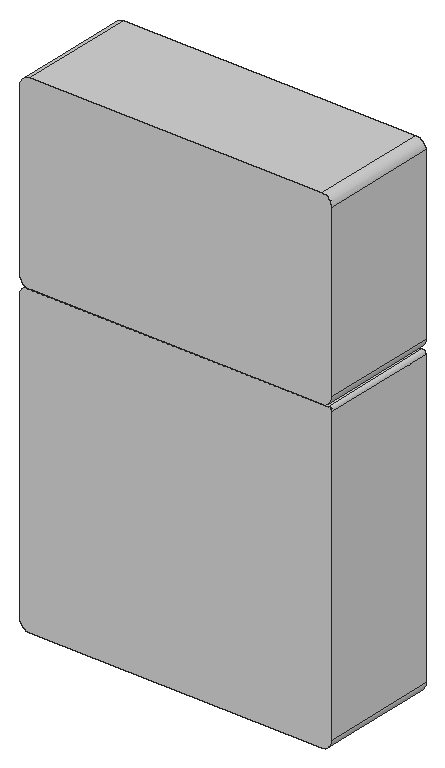
Revit family "Building-IEC309Boards-GEWISS-68QDIN-DISTRIBUTION-BOARD-14MOD_4SOCKET-OUTLETS_IB_ORIZ", category Attrezzatura elettrica, host Muro, Revit 2016
Family settings
  Host = Muro
  Configurazione quadro = Due colonne, circuiti in orizzontale
  Tipo di parte = Pannello comandi
  Quota connettore circolare = Usa diametro
  Numero OmniClass = 23.80.30.11.17
  Titolo OmniClass = Distribution Boards and Control Panels
  Sempre verticale = Sì
  Taglio con vuoti quando caricato = No
  Condiviso = No
  Punto di calcolo locali = No
Parameters (values of type "GW68009N - Q-DIN 14M 4 FLANGES S.O.BL.HOR.SBF IP65")
  potenza = 400 V
  Working temperature = "-25 ÷ +40 °C"
  Voltaggio = "400V"
  Vista di pianta [instance] = yes
  Vetro = GEWISS - vetro
  Version type = "Empty"
  Version file RFA = "18.0"
  URL = "https://www.gewiss.com/ww/en"
  Thermo-pressure with ball = "70 °C"
  Technical sheet = "https://www.gewiss.com/ww/en/search?q=GW68009N"
  Struttura = GEWISS - Grigio RAL - 7035
  Simbolo Acceso [instance] = yes
  Shock resistance = "IK08"
  SEO = "Board"
  Realized by GEWISS S.p.A. = ""
  Produttore = "GEWISS S.p.A."
  Presa = GEWISS - Grigio RAL - 7035
  Operating temperature: = "-25 +40 °C"
  Offset etichetta nome quadro [instance] = 125 mm
  Numero poli = 1
  Numero di poli = 3
  Panel Name [instance] = "NOME"
  No. of provided blank lids = "2 IB 16/32A"
  No. of modules EN 50022 = "14"
  No. of blank lids supplied = "2 IB 16/32A"
  No. IB socket-outlets houseable = "4 IB Horiz. 16/32A SBF IP44"
  Modello = "GW68009N"
  Insulation class = "II"
  Installation type = "Surface-mounting"
  Immagine tipo = GW68009N.jpg
  IP degree = "IP65"
  IFC.TypeObject = ""
  IFC.ExportType = ""
  IFC.ExportAs = ""
  IDT = "99915e0d-742e-4288-be31-3e8f2e4a73df"
  IDF = "c071aca0-7753-4d09-bf42-5b742313563d"
  Houseable socket = "4 IB Horiz. 16/32A SBF IP44"
  Houseable interloc. socket. = "4 IB Horiz. 16/32A SBF IP44"
  H_da terra = 1200 mm
  Glow Wire Test = "650°C"
  Electrocod = "2242"
  ETICHETTA NOME QUADRO [instance] = yes
  EAN code = "8011564744806"
  Distanza orizzontale del simbolo [instance] = 0 mm
  Distanza dal muro [instance] = 0 mm
  Dispersible power B (W) = "64"
  Dispersible power A (W) = "24"
  Descrizione = "Q-DIN 14M 4 FLANGES S.O.BL.HOR.SBF IP65"
  Colour = "Grey RAL 7035"
  Classificazione carico = Altro
  Catalogue Range = "68 QDIN"
  Catalogue = "BUILDING"
  Carico apparente = 0 VA
  Cornice simbolo [instance] = no
  COBie.Tagnumber = ""
  COBie.CreatedOn = ""
  COBie.CreatebBy = ""
  COBie.ComponentRegisterItemID = ""
  COBie.Component.TagNumber = ""
  COBie.Component.Space = ""
  COBie.Component.SerialNumber = ""
  COBie.Component.InstallationDate = ""
  COBie.Component.Description = ""
  COBie.Component.BarCode = ""
  Accordance with Standards = "EN 60208 - EN 60670-1 - IEC 60670-24"
Reference planes
  plane 1 "Muro": y = 0
  plane 2 "Centro (Sinistra/Destra)": x = 125
  plane 3 "Indietro": y = 75
  plane 4: z = 1200
  plane 5: x = 125
  plane 6: y = 200
Lines and regions (mm)
  Masking region 1, visible <- "Vista di pianta"
    outline origin (0, 0, 0) x (1, 0, 0) y (0, 1, 0)
      loop
        line (-35, 175) -> (-35, 75) -> (285, 75) -> (285, 175) -> (-35, 175)
  Masking region 2
    outline origin (125, 0, 0) x (0, 1, 0) y (0, 0, 1)
      loop
        line (75, 1033) -> (175, 1033) -> (175, 1200) -> (75, 1200) -> (75, 1033)
  Masking region 3
    outline origin (125, 0, 0) x (0, 1, 0) y (0, 0, 1)
      loop
        line (195, 1006.001) -> (75, 1006.001) -> (75, 690) -> (195, 690) -> (195, 1006.001)
Text (mm)
  text "Lato posizionamento" at (-1848.837, 1116.779, 0), in view "Livello rif."
  text "Lato posizionamento" at (0, 1409.804, 2854.306), in view "Sinistra"
  text "Lato posizionamento" at (0, 499.811, 2980.732), in view "Destra"
Dimensions and locks
  locked: plane 3 "Indietro" to host wall
  "H_da terra": level to plane 4
  "Offset etichetta nome quadro": host wall to plane 6
  "Distanza orizzontale del simbolo": plane 5 to plane 2 "Centro (Sinistra/Destra)"
  aligned and locked: plane 1 "Muro" to host wall
  aligned and locked: nested 1 to plane 3 "Indietro"
  aligned and locked: plane 4 to nested 1
  aligned and locked: nested 2 to plane 6
  aligned and locked: plane 5 to nested 3
  aligned and locked: Masking region 2 sketch curve to nested 1  (x3)
  aligned and locked: nested 1 to Masking region 2 sketch curve
  aligned and locked: Masking region 3 sketch curve to nested 1  (x4)
  aligned and locked: plane 2 "Centro (Sinistra/Destra)" to nested 4
  aligned and locked: nested 4 to plane 4
Automatic sketch dimensions
  Masking region 1 sketch curve to host wall = 0 mm
  Masking region 1 sketch curve to plane 2 "Centro (Sinistra/Destra)" = 160 mm
  plane 2 "Centro (Sinistra/Destra)" to Masking region 1 sketch curve = 160 mm
  host wall to Masking region 1 sketch curve = 100 mm
Nested families
  nested 1: "QDIN10 QUADRO  X 4 PRESE IND" at (125, 75, 103.117) x (-1, 0, 0) z (0, 0, 1), type "QDIN10 QUADRO  X 4 PRESE IND"
  nested 2: "NOME QUADRO" at (125, 200, 0), TXT <- "Panel Name", visible <- "ETICHETTA NOME QUADRO", type "NOME QUADRO"
    with TXT "NOME"
  nested 3: "CENTRALINO" at (125, 116.894, 0), BORDO ACCESO <- "Cornice simbolo", SIMBOLO ACCESO <- "Simbolo Acceso", Distanza dal muro <- "Distanza dal muro", type "CENTRALINO"
    with SIMBOLO ACCESO yes, Distanza dal muro 0 mm, BORDO ACCESO no
  nested 4: "2D - QDIN14 QUADRO DISTRIB X4 PRESE ORIZZ" at (125, 0, 690) x (-1, 0, 0) z (0, -1, 0), type "BIDIMENSIONALE"
Connectors
  electrical at (125, 135, 690), driven by "Numero poli", driven by "Classificazione carico", driven by "potenza", driven by "Carico apparente"
    settings: on nested 1, index 1, voltage 400 V, apparent load 0 VA, apparent load phase1 0 VA, apparent load phase2 0 VA, apparent load phase3 0 VA, power factor 1, load classification "Altro", number of poles 1, system type 31, power factor state 1, is connector primary yes, connector utility no, sub classification motor no, connector description ""
Definition of nested family "QDIN10 QUADRO  X 4 PRESE IND"
  Parameters (values of type "QDIN10 QUADRO  X 4 PRESE IND")
    Vetro = none
    Struttura = none
    Spessore = 120 mm
    Default Elevation = 14 mm
    Presa = none
    Lunghezza = 320 mm
    IFC.TypeObject = ""
    IFC.ExportType = ""
    IFC.ExportAs = ""
    H_da terra = 586.883 mm
    COBie.CreatedOn = ""
    COBie.CreatebBy = ""
    COBie.ComponentRegisterItemID = ""
    COBie.Component.TagNumber = ""
    COBie.Component.Space = ""
    COBie.Component.SerialNumber = ""
    COBie.Component.InstallationDate = ""
    COBie.Component.Description = ""
    COBie.Component.BarCode = ""
    Altezza = 510 mm
  Reference planes
    plane 1 "Centro (Fronte/Retro)": y = 0
    plane 2: z = 0
    plane 3 "Centro (Sinistra/Destra)": x = 0
    plane 4 "s": y = -100
    plane 5: z = 586.883
    plane 6: z = 1096.883
    plane 7: x = -160
    plane 8: x = 160
    plane 9: z = 929.883
    plane 10: y = -80.196
    plane 11: z = 909.178
    plane 12: x = 145.006
    plane 13: z = 613.149
    plane 14: x = -145.006
    plane 15: x = -157.597
    plane 16: x = 157.589
    plane 17: z = 939.383
    plane 18: z = 1058.347
    plane 19: y = -46.089
    plane 20: y = -87.126
    plane 21: x = 2.5
    plane 22: x = -2.5
    plane 23: z = 775.855
    plane 24: z = 770.855
  Forms (mm)
    Extrusion 1, solid, material <- "Struttura"
      sketch origin (0, 0, 0) x (1, 0, 0) y (0, 0, 1)
        loop
          arc (-150, 1096.883) -> (-157.071, 1093.954) -> (-160, 1086.883) r 10
          line (-160, 1086.883) -> (-160, 912.885)
          arc (-160, 912.885) -> (-157.071, 905.813) -> (-150, 902.885) r 10
          line (-150, 902.885) -> (150, 902.885)
          arc (150, 902.885) -> (157.071, 905.813) -> (160, 912.885) r 10
          line (160, 912.885) -> (160, 1086.883)
          arc (160, 1086.883) -> (157.071, 1093.954) -> (150, 1096.883) r 10
          line (150, 1096.883) -> (-150, 1096.883)
      from 0 to 120
    Extrusion 2, solid, material <- "Struttura"
      sketch origin (0, 0, 0) x (1, 0, 0) y (0, 0, 1)
        loop
          line (152.45, 902.885) -> (-156.38, 902.885)
          arc (-156.38, 902.885) -> (-158.94, 901.824) -> (-160, 899.265) r 3.62
          line (-160, 899.265) -> (-160, 596.883)
          arc (-160, 596.883) -> (-157.071, 589.812) -> (-150, 586.883) r 10
          line (-150, 586.883) -> (150, 586.883)
          arc (150, 586.883) -> (157.071, 589.812) -> (160, 596.883) r 10
          line (160, 596.883) -> (160, 895.334)
          arc (160, 895.334) -> (157.789, 900.673) -> (152.45, 902.885) r 7.55
      from 0 to 120
    Extrusion 3, void
      sketch origin (0, 0, 0) x (1, 0, 0) y (0, 0, 1)
        loop
          line (-157.597, 1058.347) -> (-157.597, 939.383) -> (157.589, 939.383) -> (157.589, 1058.347) -> (-157.597, 1058.347)
      from 46.089 to 120
    Extrusion 4, solid, material <- "Vetro", detail levels fine
      sketch origin (0, 0, 0) x (1, 0, 0) y (0, 0, 1)
        loop
          line (-157.597, 1058.347) -> (-157.597, 939.383) -> (157.589, 939.383) -> (157.589, 1058.347) -> (-157.597, 1058.347)
      from 87.126 to 120.5
    Extrusion 5, solid, material <- "Struttura", detail levels fine
      sketch origin (0, 0, 0) x (1, 0, 0) y (0, 0, 1)
        loop
          line (-145.006, 873.571) -> (-145.006, 758.426) -> (-2.5, 758.426) -> (-2.5, 873.571) -> (-145.006, 873.571)
        loop
          line (2.5, 873.571) -> (2.5, 758.462) -> (145.006, 758.462) -> (145.006, 873.571) -> (2.5, 873.571)
        loop
          line (-145.006, 749.343) -> (-145.006, 636.363) -> (-2.5, 636.363) -> (-2.5, 749.343) -> (-145.006, 749.343)
        loop
          line (2.5, 749.343) -> (2.5, 636.363) -> (145.006, 636.363) -> (145.006, 749.343) -> (2.5, 749.343)
      from 118 to 122
  Cuts and joins
    Extrusion 3 cuts Extrusion 1
  Dimensions and locks
    plane 4 "s" to plane 1 "Centro (Fronte/Retro)" = 100 mm  (x2)
    "H_da terra": plane 5 to level
    equal spacing: plane 7, plane 3 "Centro (Sinistra/Destra)", plane 8
    "Lunghezza": plane 7 to plane 8
    locked: plane 4 "s" to plane 10 at 19.804
    locked: plane 12 to plane 8 at 14.994
    locked: plane 13 to plane 5 at 26.266
    locked: plane 14 to plane 7 at 14.994
    locked: plane 6 to plane 18 at 38.537
    locked: plane 17 to plane 9 at 9.5
    locked: plane 7 to plane 15 at 2.403
    locked: plane 16 to plane 8 at 2.411
    locked: plane 4 "s" to plane 19 at 53.911
    locked: plane 4 "s" to plane 20 at 12.874
    locked: plane 9 to plane 11 at 20.705
    "Altezza": plane 6 to plane 5
    locked: plane 18 to plane 17 at 118.963
    equal spacing: plane 21, plane 3 "Centro (Sinistra/Destra)", plane 22
    plane 21 to plane 22 = 5 mm
    plane 23 to plane 24 = 5 mm
    plane 5 to Extrusion 5 = 286.688 mm
    aligned and locked: level to plane 2
    aligned and locked: Extrusion 1 sketch curve to plane 6
    aligned and locked: Extrusion 1 sketch curve to plane 8
    aligned and locked: Extrusion 1 sketch curve to plane 7
    aligned and locked: Extrusion 2 sketch curve to plane 8
    aligned and locked: Extrusion 2 sketch curve to plane 7
    aligned and locked: Extrusion 2 sketch curve to plane 5
    aligned and locked: Extrusion 3 sketch curve to plane 18
    aligned and locked: plane 16 to Extrusion 3 sketch curve
    aligned and locked: plane 15 to Extrusion 3 sketch curve
    aligned and locked: Extrusion 3 sketch curve to plane 17
    aligned and locked: plane 19 to cut or joined group of Extrusion 1, Extrusion 3
    aligned and locked: Extrusion 4 sketch curve to plane 18
    aligned and locked: plane 16 to Extrusion 4 sketch curve
    aligned and locked: Extrusion 4 sketch curve to plane 17
    aligned and locked: plane 15 to Extrusion 4 sketch curve
    aligned and locked: plane 20 to Extrusion 4
    aligned and locked: Extrusion 5 sketch curve to plane 22
    aligned and locked: plane 21 to Extrusion 5 sketch curve
  Automatic sketch dimensions
    Extrusion 1 sketch curve to Extrusion 1 sketch curve = 10 mm  (x2)
    Extrusion 1 sketch curve to plane 7 = 10 mm
    plane 8 to Extrusion 1 sketch curve = 10 mm
    Extrusion 2 sketch curve to Extrusion 2 sketch curve = 3.62 mm
    Extrusion 2 sketch curve to plane 7 = 10 mm
    Extrusion 2 sketch curve to Extrusion 2 sketch curve = 10 mm
    plane 8 to Extrusion 2 sketch curve = 7.55 mm
    Extrusion 5 sketch curve to plane 15 = 12.591 mm
    Extrusion 5 sketch curve to plane 14 = 0 mm
    Extrusion 5 sketch curve to plane 21 = 0 mm
    Extrusion 5 sketch curve to plane 3 "Centro (Sinistra/Destra)" = 2.5 mm
    plane 16 to Extrusion 5 sketch curve = 12.583 mm  (x2)
    Extrusion 5 sketch curve to plane 11 = 35.608 mm  (x2)
    Extrusion 5 sketch curve to plane 24 = 21.512 mm  (x2)
    Extrusion 5 sketch curve to plane 23 = 17.429 mm
    Extrusion 5 sketch curve to plane 23 = 17.393 mm
    Extrusion 2 sketch curve to plane 11 = 13.844 mm
    plane 17 to Extrusion 1 sketch curve = 26.499 mm
    plane 13 to Extrusion 5 sketch curve = 23.214 mm  (x2)
Definition of nested family "NOME QUADRO"
  Parameters (values of type "NOME QUADRO")
    TXT [instance] = ""
  Reference planes
    plane 1: y = 0
    plane 2: x = 0
  Text (mm)
    label "NOME QUADRO" at (0.217, 0.029, 0), shows "TXT"
Definition of nested family "CENTRALINO"
  Parameters (values of type "CENTRALINO")
    SIMBOLO ACCESO [instance] = yes
    Distanza dal muro [instance] = 0 mm
    BORDO ACCESO [instance] = yes
  Reference planes
    plane 1: y = 0
    plane 2: x = 0
  Dimensions and locks
    "Distanza dal muro": plane 1 to nested 1
    aligned and locked: plane 2 to nested 1
  Nested families
    nested 1: "CENTRALINO_BASE" at (0, 0, 0), BORDO ACCESO <- "BORDO ACCESO", visible <- "SIMBOLO ACCESO", type "CENTRALINO"
      with BORDO ACCESO yes
  Definition of nested family "CENTRALINO_BASE"
    Parameters (values of type "CENTRALINO")
      Distanza dal muro = 0 mm
      BORDO ACCESO [instance] = yes
    Reference planes
      plane 1: y = 0
      plane 2: x = 0
    Lines and regions (mm)
      detail lines, visible <- "BORDO ACCESO", not visible
        curve 1: line (-2.443, 10.208, 0) -> (2.057, 10.208, 0)
        curve 2: line (2.057, 10.208, 0) -> (2.057, 4.208, 0)
        curve 3: line (2.057, 4.208, 0) -> (-2.443, 4.208, 0)
        curve 4: line (-2.443, 4.208, 0) -> (-2.443, 10.208, 0)
        curve 5: line (-2.043, 9.808, 0) -> (1.657, 9.808, 0)
        curve 6: line (1.657, 9.808, 0) -> (1.657, 4.608, 0)
        curve 7: line (1.657, 4.608, 0) -> (-2.043, 4.608, 0)
        curve 8: line (-2.043, 4.608, 0) -> (-2.043, 9.808, 0)
      detail lines
        curve 9: line (0, 0.905, 0) -> (0, 0.235, 0)
        curve 10: line (0.659, 0.905, 0) -> (0.659, 1.564, 0)
        curve 11: line (0.659, 1.564, 0) -> (-0.659, 1.564, 0)
        curve 12: line (-0.659, 1.564, 0) -> (-0.659, 0.905, 0)
        curve 13: line (-0.659, 0.905, 0) -> (0.659, 0.905, 0)
        curve 14: line (0.497, 1.564, 0) -> (0.497, 2.235, 0)
        curve 15: line (0.167, 1.564, 0) -> (0.167, 2.235, 0)
        curve 16: line (-0.162, 1.564, 0) -> (-0.162, 2.235, 0)
        curve 17: line (-0.491, 1.564, 0) -> (-0.491, 2.235, 0)
Definition of nested family "2D - QDIN14 QUADRO DISTRIB X4 PRESE ORIZZ"
  Reference planes
    plane 1 "Centro (Fronte/Retro)": y = 0
    plane 2: z = 0
    plane 3 "Centro (Sinistra/Destra)": x = 0
  Lines and regions (mm)
    model lines, in view "Livello rif."
      curve 1: arc (6.361, 322.163, 0) -> (-0.017, 340.917, 0) -> (-6.295, 322.129, 0) r 10.452
      curve 2: arc (-144, 510, 0) -> (-152.842, 507.335, 0) -> (-158.738, 500.228, 0) r 16
      curve 3: arc (158.738, 500.228, 0) -> (152.842, 507.335, 0) -> (144, 510, 0) r 16
      curve 4: arc (-54.177, 349.194, 0) -> (-55.145, 348.27, 0) -> (-55.5, 346.979, 0) r 2.509
      curve 5: arc (-35, 353.996, 0) -> (-44.884, 352.778, 0) -> (-54.177, 349.194, 0) r 40.677
      curve 6: arc (54.177, 349.194, 0) -> (44.884, 352.778, 0) -> (35, 353.996, 0) r 40.677
      curve 7: arc (55.5, 346.979, 0) -> (55.145, 348.27, 0) -> (54.177, 349.194, 0) r 2.509
      curve 8: arc (-7.389, 323.087, 0) -> (-6.85, 322.606, 0) -> (-6.259, 322.191, 0) r 6.2
      curve 9: arc (54.717, 334.811, 0) -> (55.306, 335.647, 0) -> (55.513, 336.648, 0) r 2.513
      curve 10: arc (-55.487, 336.648, 0) -> (-55.28, 335.647, 0) -> (-54.691, 334.811, 0) r 2.513
      curve 11: arc (144, 0, 0) -> (155.314, 4.686, 0) -> (160, 16, 0) r 16
      curve 12: arc (-160, 16, 0) -> (-155.314, 4.686, 0) -> (-144, 0, 0) r 16
      curve 13: arc (-158.738, 500.228, 0) -> (-159.681, 497.177, 0) -> (-160, 494, 0) r 16
      curve 14: arc (160, 494, 0) -> (159.681, 497.177, 0) -> (158.738, 500.228, 0) r 16
      curve 15: line (-144, 0, 0) -> (144, 0, 0)
      curve 16: line (160, 16, 0) -> (160, 22.228, 0)
      curve 17: line (160, 494, 0) -> (159.945, 487.827, 0)
      curve 18: line (160, 487.772, 0) -> (160, 22.228, 0)
      curve 19: line (-160, 22.228, 0) -> (-160, 278.772, 0)
      curve 20: line (-144, 510, 0) -> (144, 510, 0)
      curve 21: line (-35, 353.996, 0) -> (35, 353.996, 0)
      curve 22: line (141.8, 440.164, 0) -> (-141.8, 440.164, 0)
      curve 23: line (-55.5, 336.645, 0) -> (-55.5, 346.979, 0)
      curve 24: line (-141.8, 320.157, 0) -> (-141.8, 440.164, 0)
      curve 25: line (55.5, 342.498, 0) -> (55.5, 342.998, 0)
      curve 26: line (55.5, 342.998, 0) -> (55.5, 346.979, 0)
      curve 27: line (141.8, 440.164, 0) -> (141.8, 320.157, 0)
      curve 28: line (-141.8, 342.498, 0) -> (141.8, 342.498, 0)
      curve 29: line (55.513, 336.647, 0) -> (55.513, 340.421, 0)
      curve 30: line (55.513, 340.421, 0) -> (55.513, 340.919, 0)
      curve 31: line (55.513, 340.919, 0) -> (55.513, 341.08, 0)
      curve 32: line (-141.8, 320.157, 0) -> (141.8, 320.157, 0)
      curve 33: line (-10.187, 328.173, 0) -> (-34.987, 328.173, 0)
      curve 34: line (35.013, 328.173, 0) -> (10.208, 328.173, 0)
      curve 35: line (-144, 0, 0) -> (144, 0, 0)
      curve 36: line (-160, 494, 0) -> (-160, 16, 0)
      curve 37: line (-126, 417.5, 0) -> (126, 417.5, 0)
      curve 38: line (126, 417.5, 0) -> (126, 372.5, 0)
      curve 39: line (126, 372.5, 0) -> (-126, 372.5, 0)
      curve 40: line (-126, 372.5, 0) -> (-126, 417.5, 0)
      curve 41: line (-160, 291.228, 0) -> (-160, 487.772, 0)
      curve 42: line (6.285, 322.191, 0) -> (5.677, 321.891, 0)
      curve 43: line (5.677, 321.891, 0) -> (5.039, 321.656, 0)
      curve 44: line (5.039, 321.656, 0) -> (4.38, 321.487, 0)
      curve 45: line (4.38, 321.487, 0) -> (3.707, 321.385, 0)
      curve 46: line (3.707, 321.385, 0) -> (3.023, 321.351, 0)
      curve 47: line (3.023, 321.351, 0) -> (-2.998, 321.351, 0)
      curve 48: line (-2.998, 321.351, 0) -> (-3.596, 321.377, 0)
      curve 49: line (-3.596, 321.377, 0) -> (-4.188, 321.455, 0)
      curve 50: line (-4.188, 321.455, 0) -> (-4.77, 321.585, 0)
      curve 51: line (-4.77, 321.585, 0) -> (-5.338, 321.766, 0)
      curve 52: line (-5.338, 321.766, 0) -> (-5.807, 321.96, 0)
      curve 53: line (-5.807, 321.96, 0) -> (-6.259, 322.191, 0)
      curve 54: line (54.791, 334.487, 0) -> (54.731, 334.324, 0)
      curve 55: line (54.731, 334.324, 0) -> (54.637, 334.158, 0)
      curve 56: line (54.637, 334.158, 0) -> (54.517, 333.994, 0)
      curve 57: line (54.517, 333.994, 0) -> (54.385, 333.851, 0)
      curve 58: line (54.385, 333.851, 0) -> (54.169, 333.68, 0)
      curve 59: line (54.169, 333.68, 0) -> (53.046, 333.012, 0)
      curve 60: line (53.046, 333.012, 0) -> (51.897, 332.382, 0)
      curve 61: line (51.897, 332.382, 0) -> (50.563, 331.715, 0)
      curve 62: line (50.563, 331.715, 0) -> (49.2, 331.1, 0)
      curve 63: line (49.2, 331.1, 0) -> (47.811, 330.539, 0)
      curve 64: line (47.811, 330.539, 0) -> (46.749, 330.155, 0)
      curve 65: line (46.749, 330.155, 0) -> (45.678, 329.803, 0)
      curve 66: line (45.678, 329.803, 0) -> (44.603, 329.487, 0)
      curve 67: line (44.603, 329.487, 0) -> (43.252, 329.14, 0)
      curve 68: line (43.252, 329.14, 0) -> (41.889, 328.845, 0)
      curve 69: line (41.889, 328.845, 0) -> (40.515, 328.602, 0)
      curve 70: line (40.515, 328.602, 0) -> (39.131, 328.413, 0)
      curve 71: line (39.131, 328.413, 0) -> (37.76, 328.28, 0)
      curve 72: line (37.76, 328.28, 0) -> (36.385, 328.199, 0)
      curve 73: line (36.385, 328.199, 0) -> (35.013, 328.173, 0)
      curve 74: line (-54.772, 334.515, 0) -> (-54.718, 334.353, 0)
      curve 75: line (-54.718, 334.353, 0) -> (-54.63, 334.187, 0)
      curve 76: line (-54.63, 334.187, 0) -> (-54.514, 334.022, 0)
      curve 77: line (-54.514, 334.022, 0) -> (-54.383, 333.874, 0)
      curve 78: line (-54.383, 333.874, 0) -> (-54.143, 333.68, 0)
      curve 79: line (-54.143, 333.68, 0) -> (-53.02, 333.012, 0)
      curve 80: line (-53.02, 333.012, 0) -> (-51.872, 332.382, 0)
      curve 81: line (-51.872, 332.382, 0) -> (-50.538, 331.715, 0)
      curve 82: line (-50.538, 331.715, 0) -> (-49.174, 331.1, 0)
      curve 83: line (-49.174, 331.1, 0) -> (-47.785, 330.539, 0)
      curve 84: line (-47.785, 330.539, 0) -> (-46.723, 330.155, 0)
      curve 85: line (-46.723, 330.155, 0) -> (-45.652, 329.803, 0)
      curve 86: line (-45.652, 329.803, 0) -> (-44.577, 329.487, 0)
      curve 87: line (-44.577, 329.487, 0) -> (-43.226, 329.14, 0)
      curve 88: line (-43.226, 329.14, 0) -> (-41.864, 328.845, 0)
      curve 89: line (-41.864, 328.845, 0) -> (-40.489, 328.602, 0)
      curve 90: line (-40.489, 328.602, 0) -> (-39.105, 328.413, 0)
      curve 91: line (-39.105, 328.413, 0) -> (-37.734, 328.28, 0)
      curve 92: line (-37.734, 328.28, 0) -> (-36.36, 328.199, 0)
      curve 93: line (-36.36, 328.199, 0) -> (-34.987, 328.173, 0)
